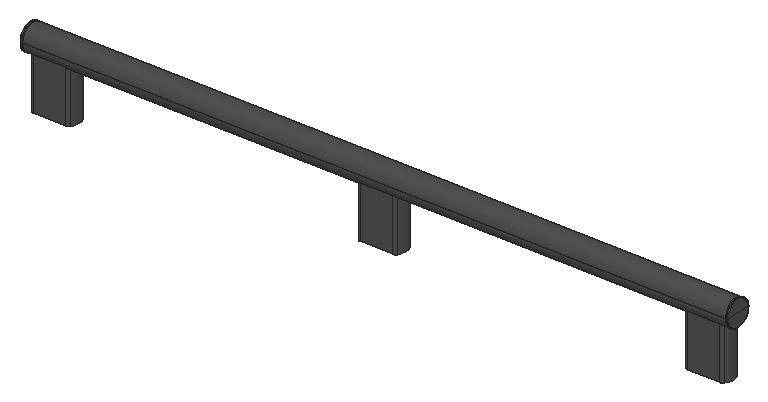
Revit family "6873771B OPAL SUPPORT RAIL 800MM STRAIGHT BLACK", category Plumbing Fixtures, host Face, Revit 2019
Family settings
  Host = Face
  Round Connector Dimension = Use Radius
  Part Type = Normal
  OmniClass Number = 23.40.20.21.47
  OmniClass Title = Bath Grab Bars
  Cut with Voids When Loaded = No
  Shared = No
  Room Calculation Point = No
Parameters (values of type "OPAL SUPPORT RAIL 800MM STRAIGHT BLACK")
  Waste Connection = no
  Vent Connection = no
  URL = "https://www.caroma.com.au/"
  Rail_Height = 75 mm
  Model = "6873771B"
  Material_Base = GWA-Metal-Black
  Manufacturer = "GWA Bathrooms & Kitchens"  # constant formula
  HW Connection = no
  Description = "OPAL SUPPORT RAIL 800MM STRAIGHT BLACK"
  Default Elevation = 0 mm
  CreatedBy_ANZRS = "GWA Bathrooms & Kitchens"  # constant formula
  CW Connection = no
  Assembly Code = "C1030200"
Reference planes
  plane 1 "Center (Front/Back)": y = 0
  plane 2: z = 0
  plane 3 "Center (Left/Right)": x = 0
  plane 4 "Rail_Centre": z = 75
Forms (mm)
  Extrusion 1, solid, material "GWA-Metal-Black" <- "Material_Base"
    sketch origin (408.032, 0, 0) x (0, 1, 0) y (-1, 0, 0)
      loop
        arc (9.455, 431.94) -> (0, 435.032) -> (-9.455, 431.94) r 16
        arc (-9.455, 431.94) -> (-10.959, 430.168) -> (-11.5, 427.906) r 5
        line (-11.5, 427.906) -> (-11.5, 388.158)
        arc (-11.5, 388.158) -> (-10.959, 385.897) -> (-9.455, 384.124) r 5
        arc (-9.455, 384.124) -> (0, 381.032) -> (9.455, 384.124) r 16
        arc (9.455, 384.124) -> (10.959, 385.897) -> (11.5, 388.158) r 5
        line (11.5, 388.158) -> (11.5, 427.906)
        arc (11.5, 427.906) -> (10.959, 430.168) -> (9.455, 431.94) r 5
    from 0 to 75
  Extrusion 2, solid, material "GWA-Metal-Black" <- "Material_Base"
    sketch origin (808.032, 0, 0) x (0, 1, 0) y (-1, 0, 0)
      loop
        arc (9.455, 431.94) -> (0, 435.032) -> (-9.455, 431.94) r 16
        arc (-9.455, 431.94) -> (-10.959, 430.168) -> (-11.5, 427.906) r 5
        line (-11.5, 427.906) -> (-11.5, 388.158)
        arc (-11.5, 388.158) -> (-10.959, 385.897) -> (-9.455, 384.124) r 5
        arc (-9.455, 384.124) -> (0, 381.032) -> (9.455, 384.124) r 16
        arc (9.455, 384.124) -> (10.959, 385.897) -> (11.5, 388.158) r 5
        line (11.5, 388.158) -> (11.5, 427.906)
        arc (11.5, 427.906) -> (10.959, 430.168) -> (9.455, 431.94) r 5
    from 0 to 75
  Extrusion 3, solid, material "GWA-Metal-Black" <- "Material_Base"
    sketch origin (0, 0, 0) x (0, 1, 0) y (0, 0, 1)
      loop
        circle (0, 75) r 16
    from -430 to 430
  Revolve 4, solid, material "GWA-Metal-Black" <- "Material_Base"
    sketch origin (-20, 0, 75) x (0, 1, 0) y (-1, 0, 0)
      loop
        line (16, -450) -> (0, -450) -> (0, -452.5) -> (15.5, -452.5)
        arc (15.5, -452.5) -> (15.854, -452.354) -> (16, -452) r 0.5
        line (16, -452) -> (16, -450)
      axis (0, -452.5) -> (0, -450)
    angle from 0 to 360
  Revolve 5, solid, material "GWA-Metal-Black" <- "Material_Base"
    sketch origin (20, 0, 75) x (0, 1, 0) y (1, 0, 0)
      loop
        line (16, -450) -> (0, -450) -> (0, -452.5) -> (15.5, -452.5)
        arc (15.5, -452.5) -> (15.854, -452.354) -> (16, -452) r 0.5
        line (16, -452) -> (16, -450)
      axis (0, -452.5) -> (0, -450)
    angle from 0 to 360
  Extrusion 6, solid, material "GWA-Metal-Black" <- "Material_Base"
    sketch origin (8.032, 0, 0) x (0, 1, 0) y (-1, 0, 0)
      loop
        arc (9.455, 431.94) -> (0, 435.032) -> (-9.455, 431.94) r 16
        arc (-9.455, 431.94) -> (-10.959, 430.168) -> (-11.5, 427.906) r 5
        line (-11.5, 427.906) -> (-11.5, 388.158)
        arc (-11.5, 388.158) -> (-10.959, 385.897) -> (-9.455, 384.124) r 5
        arc (-9.455, 384.124) -> (0, 381.032) -> (9.455, 384.124) r 16
        arc (9.455, 384.124) -> (10.959, 385.897) -> (11.5, 388.158) r 5
        line (11.5, 388.158) -> (11.5, 427.906)
        arc (11.5, 427.906) -> (10.959, 430.168) -> (9.455, 431.94) r 5
    from 0 to 75
  Revolve 7, solid, material "GWA-Metal-Black" <- "Material_Base"
    sketch origin (20, 0, 75) x (0, 1, 0) y (1, 0, 0)
      loop
        line (16, -450) -> (0, -450) -> (0, -452.5) -> (15.5, -452.5)
        arc (15.5, -452.5) -> (15.854, -452.354) -> (16, -452) r 0.5
        line (16, -452) -> (16, -450)
      axis (0, -452.5) -> (0, -450)
    angle from 0 to 360
Cuts and joins
  joined: Extrusion 1, Extrusion 2, Extrusion 3, Extrusion 6
Lines and regions (mm)
  Masking region 1
    outline origin (-247.5, 764.5, 75) x (-1, 0, 0) y (0, -1, 0)
      loop
        line (-679.5, 748.5) -> (184.5, 748.5)
        arc (184.5, 748.5) -> (184.854, 748.646) -> (185, 749) r 0.5
        line (185, 749) -> (185, 780)
        arc (185, 780) -> (184.854, 780.354) -> (184.5, 780.5) r 0.5
        line (184.5, 780.5) -> (-679.5, 780.5)
        arc (-679.5, 780.5) -> (-679.854, 780.354) -> (-680, 780) r 0.5
        line (-680, 780) -> (-680, 749)
        arc (-680, 749) -> (-679.854, 748.646) -> (-679.5, 748.5) r 0.5
  Masking region 2
    outline origin (-247.5, 0, 0) x (1, 0, 0) y (0, 0, 1)
      loop
        arc (679.5, 59) -> (679.854, 59.146) -> (680, 59.5) r 0.5
        line (680, 59.5) -> (680, 90.5)
        arc (680, 90.5) -> (679.854, 90.854) -> (679.5, 91) r 0.5
        line (679.5, 91) -> (677.5, 91) -> (-184.5, 91)
        arc (-184.5, 91) -> (-184.854, 90.854) -> (-185, 90.5) r 0.5
        line (-185, 90.5) -> (-185, 59.5)
        arc (-185, 59.5) -> (-184.854, 59.146) -> (-184.5, 59) r 0.5
        line (-184.5, 59) -> (-179.5, 59) -> (-179.5, 0) -> (-125.5, 0) -> (-125.5, 59) -> (220.5, 59) -> (220.5, 0) -> (274.5, 0) -> (274.5, 59) -> (620.5, 59) -> (620.5, 0) -> (674.5, 0) -> (674.5, 59) -> (677.5, 59) -> (679.5, 59)
  Masking region 3
    outline origin (0, 0, 0) x (0, 1, 0) y (0, 0, 1)
      loop
        arc (11.5, 63.876) -> (0, 91) -> (-11.5, 63.876) r 16
        line (-11.5, 63.876) -> (-11.5, 0) -> (11.5, 0) -> (11.5, 63.876)
  symbolic lines, style "PlumbingFixtures"
    curve 1: line (432.5, -15.5, 75) -> (432.5, 15.5, 75)
    curve 2: line (430, 16, 75) -> (-179.8, 16, 75)
    curve 3: line (430, -16, 75) -> (-179.8, -16, 75)
    curve 4: line (430, 16, 75) -> (430, -16, 75)
    curve 5: line (430, 16, 75) -> (432, 16, 75)
    curve 6: line (430, -16, 75) -> (432, -16, 75)
    curve 7: arc (432, 16, 75) -> (432.354, 15.854, 75) -> (432.5, 15.5, 75) r 0.5
    curve 8: arc (432.5, -15.5, 75) -> (432.354, -15.854, 75) -> (432, -16, 75) r 0.5
    curve 36: line (-432.5, -15.5, 75) -> (-432.5, 15.5, 75)
    curve 37: line (-430, 16, 75) -> (-430, -16, 75)
    curve 38: line (-430, 16, 75) -> (-432, 16, 75)
    curve 39: line (-430, -16, 75) -> (-432, -16, 75)
    curve 40: arc (-432, 16, 75) -> (-432.354, 15.854, 75) -> (-432.5, 15.5, 75) r 0.5
    curve 41: arc (-432.5, -15.5, 75) -> (-432.354, -15.854, 75) -> (-432, -16, 75) r 0.5
  symbolic lines
    curve 9: line (427, 0, 0) -> (373, 0, 0)
    curve 10: line (373, 0, 0) -> (373, 0, 59)
    curve 11: line (427, 0, 0) -> (427, 0, 59)
    curve 12: line (379.947, 0, 63.876) -> (420.053, 0, 63.876)
    curve 13: line (430, 0, 59) -> (427, 0, 59)
    curve 14: line (373, 0, 59) -> (27, 0, 59)
    curve 15: line (430, 0, 59) -> (430, 0, 91)
    curve 16: line (430, 0, 91) -> (-430, 0, 91)
    curve 17: line (430, 0, 91) -> (432, 0, 91)
    curve 18: line (432.5, 0, 90.5) -> (432.5, 0, 59.5)
    curve 19: line (432, 0, 59) -> (430, 0, 59)
    curve 20: arc (432.5, 0, 90.5) -> (432.354, 0, 90.854) -> (432, 0, 91) r 0.5
    curve 21: arc (432.5, 0, 59.5) -> (432.354, 0, 59.146) -> (432, 0, 59) r 0.5
    curve 22: line (373, 0, 59) -> (376.411, 0, 62.411)
    curve 23: line (427, 0, 59) -> (423.589, 0, 62.411)
    curve 24: arc (423.589, 0, 62.411) -> (421.967, 0, 63.495) -> (420.053, 0, 63.876) r 5
    curve 25: arc (379.947, 0, 63.876) -> (378.033, 0, 63.495) -> (376.411, 0, 62.411) r 5
    curve 26: line (-373, 0, 0) -> (-427, 0, 0)
    curve 27: line (-427, 0, 0) -> (-427, 0, 59)
    curve 28: line (-373, 0, 0) -> (-373, 0, 59)
    curve 29: line (-420.053, 0, 63.876) -> (-379.947, 0, 63.876)
    curve 30: line (-427, 0, 59) -> (-423.589, 0, 62.411)
    curve 31: line (-373, 0, 59) -> (-376.411, 0, 62.411)
    curve 32: arc (-376.411, 0, 62.411) -> (-378.033, 0, 63.495) -> (-379.947, 0, 63.876) r 5
    curve 33: arc (-420.053, 0, 63.876) -> (-421.967, 0, 63.495) -> (-423.589, 0, 62.411) r 5
    curve 34: line (-430, 0, 59) -> (-430, 0, 91)
    curve 35: line (-430, 0, 59) -> (-427, 0, 59)
    curve 42: line (27, 0, 0) -> (-27, 0, 0)
    curve 43: line (-27, 0, 0) -> (-27, 0, 59)
    curve 44: line (27, 0, 0) -> (27, 0, 59)
    curve 45: line (-20.053, 0, 63.876) -> (20.053, 0, 63.876)
    curve 46: line (-27, 0, 59) -> (-23.589, 0, 62.411)
    curve 47: line (27, 0, 59) -> (23.589, 0, 62.411)
    curve 48: arc (23.589, 0, 62.411) -> (21.967, 0, 63.495) -> (20.053, 0, 63.876) r 5
    curve 49: arc (-20.053, 0, 63.876) -> (-21.967, 0, 63.495) -> (-23.589, 0, 62.411) r 5
    curve 50: line (-27, 0, 59) -> (-373, 0, 59)
    curve 51: circle (0, 0, 75) r 16 normal (1, 0, 0)
    curve 52: line (0, -11.5, 0) -> (0, 11.5, 0)
    curve 53: line (0, 11.5, 0) -> (0, 11.5, 63.876)
    curve 54: line (0, -11.5, 0) -> (0, -11.5, 63.876)
Dimensions and locks
  "Rail_Height": plane 4 "Rail_Centre" to host face
  aligned and locked: plane 2 to host face
  aligned and locked: level to host face
Automatic sketch dimensions
  host sketch curve to host sketch curve = 2438.4 mm
  host sketch curve to host sketch curve = 2486.9 mm
  plane 1 "Center (Front/Back)" to Extrusion 1 sketch curve = 0 mm  (x2)
  plane 1 "Center (Front/Back)" to Extrusion 1 sketch curve = 6.5 mm  (x2)
  Extrusion 1 sketch curve to Extrusion 1 sketch curve = 5 mm  (x2)
  Extrusion 1 sketch curve to plane 1 "Center (Front/Back)" = 6.5 mm  (x2)
  plane 3 "Center (Left/Right)" to Extrusion 1 sketch curve = 19.874 mm
  Extrusion 1 sketch curve to Extrusion 1 sketch curve = 0 mm  (x3)
  Extrusion 1 sketch curve to Extrusion 1 sketch curve = 8.874 mm  (x3)
  Extrusion 1 sketch curve to plane 3 "Center (Left/Right)" = 11 mm
  plane 1 "Center (Front/Back)" to curve 1 = 15.5 mm
  plane 3 "Center (Left/Right)" to curve 1 = 432.5 mm
  curve 1 to curve 6 = 0.5 mm
  curve 1 to curve 7 = 0.5 mm
  curve 5 to curve 5 = 2 mm
  curve 3 to plane 3 "Center (Left/Right)" = 179.8 mm
  curve 2 to plane 1 "Center (Front/Back)" = 16 mm
  curve 2 to curve 3 = 0 mm
  curve 38 to plane 1 "Center (Front/Back)" = 16 mm
  curve 2 to curve 38 = 250.2 mm
  curve 37 to curve 38 = 2 mm
  curve 37 to curve 41 = 2 mm
  curve 40 to curve 36 = 0.5 mm
  plane 1 "Center (Front/Back)" to curve 36 = 15.5 mm
  plane 1 "Center (Front/Back)" to Masking region 1 sketch curve = 15.5 mm
  plane 3 "Center (Left/Right)" to Masking region 1 sketch curve = 432.5 mm
  Masking region 1 sketch curve to Masking region 1 sketch curve = 0.5 mm  (x3)
  Masking region 1 sketch curve to plane 1 "Center (Front/Back)" = 16 mm
  Masking region 1 sketch curve to plane 3 "Center (Left/Right)" = 432 mm
  Masking region 1 sketch curve to Masking region 1 sketch curve = 0 mm
  plane 1 "Center (Front/Back)" to Extrusion 2 sketch curve = 0 mm  (x2)
  plane 1 "Center (Front/Back)" to Extrusion 2 sketch curve = 6.5 mm  (x2)
  Extrusion 2 sketch curve to Extrusion 2 sketch curve = 5 mm  (x2)
  Extrusion 2 sketch curve to plane 1 "Center (Front/Back)" = 6.5 mm  (x2)
  plane 3 "Center (Left/Right)" to Extrusion 2 sketch curve = 419.874 mm
  Extrusion 2 sketch curve to Extrusion 2 sketch curve = 0 mm  (x3)
  Extrusion 2 sketch curve to Extrusion 2 sketch curve = 8.874 mm  (x3)
  Extrusion 2 sketch curve to Extrusion 2 sketch curve = 22 mm
  Extrusion 3 sketch curve to plane 1 "Center (Front/Back)" = 0 mm
  Extrusion 3 sketch curve to plane 4 "Rail_Centre" = 0 mm
  plane 1 "Center (Front/Back)" to Revolve 4 sketch curve = 0 mm  (x2)
  Revolve 4 sketch curve to plane 1 "Center (Front/Back)" = 15.5 mm
  Revolve 4 sketch curve to Revolve 4 sketch curve = 0.5 mm
  plane 3 "Center (Left/Right)" to Revolve 4 sketch curve = 432.5 mm
  Revolve 4 sketch curve to Revolve 4 sketch curve = 2.5 mm
  Revolve 4 sketch curve to Revolve 4 sketch curve = 3.703 mm
  Revolve 4 sketch curve to Revolve 4 sketch curve = 3.797 mm
  plane 1 "Center (Front/Back)" to Revolve 5 sketch curve = 0 mm  (x2)
  plane 1 "Center (Front/Back)" to Revolve 5 sketch curve = 15.5 mm
  Revolve 5 sketch curve to Revolve 5 sketch curve = 0.5 mm
  plane 3 "Center (Left/Right)" to Revolve 5 sketch curve = 432.5 mm
  Revolve 5 sketch curve to Revolve 5 sketch curve = 2.5 mm
  Revolve 5 sketch curve to Revolve 5 sketch curve = 3.703 mm
  Revolve 5 sketch curve to Revolve 5 sketch curve = 3.797 mm
  plane 1 "Center (Front/Back)" to Extrusion 6 sketch curve = 0 mm  (x2)
  plane 1 "Center (Front/Back)" to Extrusion 6 sketch curve = 6.5 mm  (x2)
  Extrusion 6 sketch curve to Extrusion 6 sketch curve = 5 mm  (x2)
  Extrusion 6 sketch curve to plane 1 "Center (Front/Back)" = 6.5 mm  (x2)
  Extrusion 6 sketch curve to plane 3 "Center (Left/Right)" = 380.126 mm
  Extrusion 6 sketch curve to Extrusion 6 sketch curve = 0 mm  (x3)
  Extrusion 6 sketch curve to Extrusion 6 sketch curve = 8.874 mm  (x3)
  Extrusion 6 sketch curve to Extrusion 6 sketch curve = 22 mm
  plane 1 "Center (Front/Back)" to Revolve 7 sketch curve = 0 mm  (x2)
  plane 1 "Center (Front/Back)" to Revolve 7 sketch curve = 15.5 mm
  Revolve 7 sketch curve to Revolve 7 sketch curve = 0.5 mm
  plane 3 "Center (Left/Right)" to Revolve 7 sketch curve = 432.5 mm
  Revolve 7 sketch curve to Revolve 7 sketch curve = 2.5 mm
  Revolve 7 sketch curve to Revolve 7 sketch curve = 3.703 mm
  Revolve 7 sketch curve to Revolve 7 sketch curve = 3.797 mm
  Masking region 2 sketch curve to level = 0 mm  (x3)
  plane 4 "Rail_Centre" to Masking region 2 sketch curve = 15.5 mm
  Masking region 2 sketch curve to plane 3 "Center (Left/Right)" = 432.5 mm
  Masking region 2 sketch curve to Masking region 2 sketch curve = 5 mm
  Masking region 2 sketch curve to Masking region 2 sketch curve = 54 mm  (x2)
  plane 3 "Center (Left/Right)" to Masking region 2 sketch curve = 373 mm
  Masking region 2 sketch curve to plane 4 "Rail_Centre" = 16 mm  (x4)
  Masking region 2 sketch curve to Masking region 2 sketch curve = 3 mm
  Masking region 2 sketch curve to Masking region 2 sketch curve = 0 mm
  Masking region 2 sketch curve to Masking region 2 sketch curve = 2 mm  (x2)
  Masking region 2 sketch curve to Masking region 2 sketch curve = 0.5 mm  (x3)
  curve 27 to level = 0 mm
  curve 43 to level = 0 mm
  curve 10 to level = 0 mm
  plane 4 "Rail_Centre" to curve 16 = 16 mm
  curve 16 to plane 3 "Center (Left/Right)" = 430 mm
  curve 34 to curve 27 = 3 mm
  curve 30 to plane 4 "Rail_Centre" = 12.589 mm
  curve 27 to curve 30 = 3.411 mm
  curve 33 to curve 29 = 3.536 mm
  curve 29 to curve 29 = 40.106 mm
  curve 31 to plane 4 "Rail_Centre" = 12.589 mm
  curve 32 to curve 31 = 3.536 mm
  curve 26 to curve 28 = 54 mm
  curve 43 to plane 3 "Center (Left/Right)" = 27 mm
  curve 46 to curve 46 = 3.411 mm
  curve 46 to curve 45 = 3.536 mm
  curve 45 to plane 4 "Rail_Centre" = 11.124 mm
  plane 3 "Center (Left/Right)" to curve 45 = 20.053 mm
  curve 45 to curve 47 = 3.536 mm
  curve 47 to curve 44 = 3.411 mm
  curve 44 to curve 22 = 346 mm
  curve 22 to plane 4 "Rail_Centre" = 12.589 mm
  curve 10 to curve 22 = 3.411 mm
  curve 22 to curve 12 = 3.536 mm
  curve 12 to curve 12 = 40.106 mm
  curve 23 to plane 4 "Rail_Centre" = 12.589 mm
  curve 24 to curve 23 = 3.536 mm
  curve 9 to curve 11 = 54 mm
  curve 11 to curve 13 = 3 mm
  curve 13 to curve 21 = 2 mm
  curve 15 to curve 17 = 2 mm
  curve 21 to curve 18 = 0.5 mm
  curve 25 to curve 25 = 3.536 mm
  curve 49 to curve 45 = 5 mm
  curve 33 to curve 33 = 3.536 mm
  curve 47 to curve 47 = 3.411 mm
  curve 19 to curve 24 = 3.411 mm
  curve 35 to curve 30 = 3.411 mm
  curve 46 to curve 49 = 3.411 mm
  curve 48 to curve 50 = 0.124 mm
  plane 3 "Center (Left/Right)" to Masking region 2 sketch curve = 27 mm
  Masking region 2 sketch curve to plane 3 "Center (Left/Right)" = 27 mm
  curve 54 to level = 0 mm
  curve 51 to plane 1 "Center (Front/Back)" = 0 mm
  curve 51 to plane 4 "Rail_Centre" = 0 mm
  curve 53 to plane 1 "Center (Front/Back)" = 11.5 mm
  plane 1 "Center (Front/Back)" to curve 54 = 11.5 mm
  Masking region 3 sketch curve to level = 0 mm
  Masking region 3 sketch curve to plane 1 "Center (Front/Back)" = 11.5 mm
  Masking region 3 sketch curve to plane 4 "Rail_Centre" = 11.124 mm  (x2)
  Masking region 3 sketch curve to plane 4 "Rail_Centre" = 0 mm
  Masking region 3 sketch curve to plane 1 "Center (Front/Back)" = 0 mm
  radius of Extrusion 3 sketch curve = 16 mm
  radius of curve 51 = 16 mm
